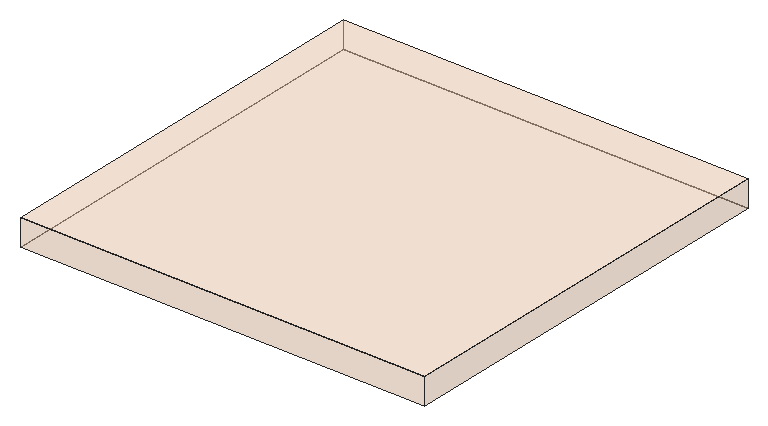
Revit family "OnsiteBIM_Alignment_Target", category Generic Models, host Face, Revit 2024
Family settings
  Host = Face
  Can host rebar = No
  Round Connector Dimension = Use Diameter
  Part Type = Normal
  Cut with Voids When Loaded = No
  Maintain Annotation Orientation = No
  Shared = No
  Room Calculation Point = No
Parameters
  TagSize [instance] = 150 mm
  TagID [instance] = 0
  Default Elevation = 1219.2 mm
Reference planes
  plane 1 "Center (Front/Back)": y = 0
  plane 2: z = 0
  plane 3 "Center (Left/Right)": x = 0
  plane 4: y = 75
  plane 5: y = -75
  plane 6: x = 75
  plane 7: x = -75
Forms (mm)
  Extrusion 1, solid, material "Alignment Target"
    sketch origin (0, 0, 0) x (1, 0, 0) y (0, 1, 0)
      loop
        line (-75, 75) -> (-75, -75) -> (75, -75) -> (75, 75) -> (-75, 75)
    from 0 to 10
Dimensions and locks
  equal spacing: plane 4, plane 1 "Center (Front/Back)", plane 5
  equal spacing: plane 7, plane 3 "Center (Left/Right)", plane 6
  "TagSize": plane 7 to plane 6
  "TagSize": plane 4 to plane 5
  aligned and locked: plane 2 to host face
  aligned and locked: level to host face
  aligned and locked: Extrusion 1 sketch curve to plane 4
  aligned and locked: Extrusion 1 sketch curve to plane 7
  aligned and locked: plane 5 to Extrusion 1 sketch curve
  aligned and locked: plane 6 to Extrusion 1 sketch curve
Automatic sketch dimensions
  host sketch curve to host sketch curve = 2438.4 mm  (x2)
